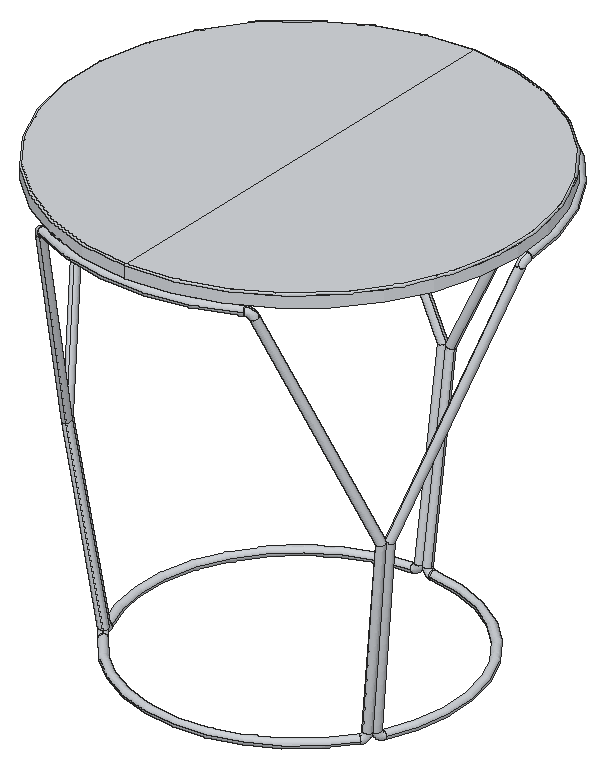
Revit family "Keilhauer-Cahoots_LE-Round_Table-Small-", category Furniture, Revit 2016
Family settings
  OmniClass Number = 23.40.20.00
  OmniClass Title = General Furniture and Specialties
  Work Plane-Based = No
  Always vertical = Yes
  Cut with Voids When Loaded = No
  Shared = No
  Room Calculation Point = No
Parameters (values of type "9081LE")
  Width = 30 1/2"
  URL = "https://keilhauer.com/"
  Type Comments = "Cahoots LE"  # constant formula
  Salvage or Reuse = yes
  Product Documentation Link = "https://keilhauer.com/product-family/cahoots-le/"
  Percentage of Recycled Content = 0
  Model = "9081LE"
  Manufacturer = "Keilhauer"  # constant formula
  Low Emitting Material = yes
  Low Emitting Finish = yes
  Revit File Built By = "https://servex-us.com/servex-revit/"
  Top Finish [instance] = none
  Keynote = "12500"
  Height = 33"
  Frame Finish [instance] = none
  Description = "Quartz top small round table"
  Depth = 29"
  Copyright = "© 2022 Keilhauer"
  Assembly Code = "E2020200"
Reference planes (in)
  plane 1 "Center Front/Back": y = 0
  plane 2: z = 0
  plane 3 "Center Left/Right": x = 0
Forms (in)
  Revolve 1, solid, material <- "Top Finish"
    sketch origin (0, 0, 0) x (0, 1, 0) y (0, 0, 1)
      loop
        line (0, 16.9473782) -> (8.625, 16.9473782) -> (8.625, 17.3813891)
        arc (8.625, 17.3813891) -> (8.6095942, 17.4276533) -> (8.565, 17.4473782) r 0.0602718
        line (8.565, 17.4473782) -> (0, 17.4473782) -> (0, 16.9473782)
      axis (0, 16.9473782) -> (0, 17.4473782)
    angle from 0 to 360
  Sweep 2, solid, material <- "Frame Finish"
    path in 3D
      loop
        line (-0.1511308, 6.0919208, 0.3878436) -> (-0.1511308, 7.24196, 7.6489052) -> (-4.3957654, 7.3976277, 16.5670996)
    profile origin (-2.273466, 7.3197937, 12.1079939) x (-0.902971, -0.007499, -0.429636) y (0, -0.999848, 0.017452)
      loop
        circle (-0.0000396, 0) r 0.15625
  Sweep 3, solid, material <- "Frame Finish"
    path origin (0, 0, 0) x (1, 0, 0) y (0, 1, 0)
      loop
        arc (-0.3841773, 6.0653965) -> (-5.2540645, 3.0547396) -> (-5.4611686, -2.6668829) r 6.0775511
    profile origin (-5.2540645, 3.0547396, 0) x (0.864504, -0.502627, 0) y (0, 0, 1)
      loop
        circle (0, 0.15625) r 0.15625
  Sweep 4, solid, material <- "Frame Finish"
    path origin (-0.0033423, 6.1231235, -0.0019476) x (0.988122, 0.153671, 0) y (0, 0, 1)
      loop
        arc (-0.3842681, 0.15625) -> (-0.2220011, 0.2243741) -> (-0.1549129, 0.3870721) r 0.2308268
    profile origin (-0.2227065, 6.0890084, 0.2224265) x (-0.700932, -0.109007, 0.704849) y (0.153671, -0.988122, 0)
      loop
        circle (0, 0) r 0.15625
  Sweep 5, solid, material <- "Frame Finish"
    path origin (0, 0, 0) x (1, 0, 0) y (0, 1, 0)
      loop
        arc (-4.665338, 7.2852934) -> (-7.4920397, 4.3255312) -> (-8.6419182, 0.3976546) r 8.6510623
    profile origin (-7.4920397, 4.3255312, 0) x (0.866025, -0.5, 0) y (0, 0, 1)
      loop
        circle (0, 16.7911282) r 0.15625
  Sweep 6, solid, material <- "Frame Finish"
    path origin (3.0527443, -0.8342454, 1.587899) x (0.866025, 0.482963, -0.12941) y (0, 0.258819, 0.965926)
      loop
        arc (-4.4065803, 16.589932) -> (-4.53674, 16.7366174) -> (-4.7251193, 16.7911282) r 0.3527578
    profile origin (-0.8761878, 1.3064327, 18.3413274) x (-0.462474, -0.476736, -0.747557) y (0.5, -0.836516, 0.224144)
      loop
        circle (0, -7.25) r 0.15625
  Sweep 7, solid, material <- "Frame Finish"
    path in 3D
      loop
        line (-5.3513236, -2.9150773, 0.3878436) -> (-6.3472867, -3.4900969, 7.6489052) -> (-8.6044162, 0.1080307, 16.5670996)
    profile origin (-7.4758603, -1.6910175, 12.1079939) x (0.444991, -0.785746, 0.429636) y (0.865894, 0.499924, 0.017452)
      loop
        circle (0.0000396, 0) r 0.15625
  Sweep 8, solid, material <- "Frame Finish"
    path origin (-5.3044516, -3.0586672, -0.0019476) x (0.360978, -0.932574, 0) y (0, 0, -1)
      loop
        arc (-0.3842681, -0.15625) -> (-0.2220011, -0.2243741) -> (-0.1549129, -0.3870721) r 0.2308268
    profile origin (-5.3845892, -2.8516347, 0.2224265) x (0.256063, -0.661528, -0.704849) y (0.932574, 0.360978, 0)
      loop
        circle (0, 0) r 0.15625
  Sweep 9, solid, material <- "Frame Finish"
    path origin (2.2488499, -2.2266314, 1.587899) x (0.014755, -0.991481, -0.12941) y (0.224144, 0.12941, -0.965926)
      loop
        arc (-4.4065803, -16.589932) -> (-4.53674, -16.7366174) -> (-4.7251193, -16.7911282) r 0.3527578
    profile origin (-1.5694978, 0.1055845, 18.3413274) x (-0.181628, -0.638882, 0.747557) y (0.974444, -0.014755, 0.224144)
      loop
        circle (0, -7.25) r 0.15625
  Sweep 10, solid, material <- "Frame Finish"
    path in 3D
      loop
        line (5.3513236, -2.9150773, 0.3878436) -> (6.3472867, -3.4900969, 7.6489052) -> (8.6044162, 0.1080307, 16.5670996)
    profile origin (7.4758603, -1.6910175, 12.1079939) x (-0.969832, 0.004254, 0.243738) y (0.084941, -0.93129, 0.354236)
      loop
        circle (0.0000211, 0.0000335) r 0.15625
  Sweep 11, solid, material <- "Frame Finish"
    path origin (0, 0, 0) x (-0.5, -0.866025, 0) y (0.866025, -0.5, 0)
      loop
        arc (-0.3841773, 6.0653965) -> (-5.2540645, 3.0547396) -> (-5.4611686, -2.6668829) r 6.0775511
    profile origin (5.2725143, 3.0227835, 0) x (-0.867539, -0.497369, 0) y (0, 0, 1)
      loop
        circle (0, 0.15625) r 0.15625
  Sweep 12, solid, material <- "Frame Finish"
    path origin (5.3044516, -3.0586672, -0.0019476) x (-0.360978, -0.932574, 0) y (0, 0, 1)
      loop
        arc (-0.3842681, 0.15625) -> (-0.2220011, 0.2243741) -> (-0.1549129, 0.3870721) r 0.2308268
    profile origin (5.3845892, -2.8516347, 0.2224265) x (0.256063, 0.661528, 0.704849) y (-0.932574, 0.360978, 0)
      loop
        circle (0, 0) r 0.15625
  Sweep 13, solid, material <- "Frame Finish"
    path origin (0, 0, 0) x (-0.5, -0.866025, 0) y (0.866025, -0.5, 0)
      loop
        arc (-4.665338, 7.2852934) -> (-7.4920397, 4.3255312) -> (-8.6419182, 0.3976546) r 8.6510623
    profile origin (7.4920397, 4.3255312, 0) x (-0.866025, -0.5, 0) y (0, 0, 1)
      loop
        circle (0, 16.7911282) r 0.15625
  Sweep 14, solid, material <- "Frame Finish"
    path origin (-2.2488499, -2.2266314, 1.587899) x (-0.014755, -0.991481, -0.12941) y (0.224144, -0.12941, 0.965926)
      loop
        arc (-4.4065803, 16.589932) -> (-4.53674, 16.7366174) -> (-4.7251193, 16.7911282) r 0.3527578
    profile origin (1.5694978, 0.1055845, 18.3413274) x (-0.181628, 0.638882, -0.747557) y (-0.974444, -0.014755, 0.224144)
      loop
        circle (0, -7.25) r 0.15625
  Sweep 15, solid, material <- "Frame Finish"
    path in 3D
      loop
        line (0.1511308, 6.0919208, 0.3878436) -> (0.1511308, 7.24196, 7.6489052) -> (4.3957654, 7.3976277, 16.5670996)
    profile origin (2.273466, 7.3197937, 12.1079939) x (0.491164, -0.843074, -0.219052) y (0.757704, 0.537567, -0.37001)
      loop
        circle (-0.0000216, -0.0000333) r 0.15625
  Sweep 16, solid, material <- "Frame Finish"
    path origin (0.0033423, 6.1231235, -0.0019476) x (-0.988122, 0.153671, 0) y (0, 0, -1)
      loop
        arc (-0.3842681, -0.15625) -> (-0.2220011, -0.2243741) -> (-0.1549129, -0.3870721) r 0.2308268
    profile origin (0.2227065, 6.0890084, 0.2224265) x (-0.700932, 0.109007, -0.704849) y (-0.153671, -0.988122, 0)
      loop
        circle (0, 0) r 0.15625
  Sweep 17, solid, material <- "Frame Finish"
    path origin (-3.0527443, -0.8342454, 1.587899) x (-0.866025, 0.482963, -0.12941) y (0, -0.258819, -0.965926)
      loop
        arc (-4.4065803, -16.589932) -> (-4.53674, -16.7366174) -> (-4.7251193, -16.7911282) r 0.3527578
    profile origin (0.8761878, 1.3064327, 18.3413274) x (-0.462474, 0.476736, 0.747557) y (-0.5, -0.836516, 0.224144)
      loop
        circle (0, -7.25) r 0.15625
  Sweep 18, solid, material <- "Frame Finish"
    path in 3D
      loop
        line (-5.2001928, -3.1768435, 0.3878436) -> (-6.196156, -3.7518631, 7.6489052) -> (-4.2086508, -7.5056584, 16.5670996)
    profile origin (-5.2023943, -5.6287762, 12.1079939) x (-0.976693, -0.007489, 0.214511) y (-0.074756, -0.924951, -0.372661)
      loop
        circle (0.0000212, -0.0000335) r 0.15625
  Sweep 19, solid, material <- "Frame Finish"
    path origin (0, 0, 0) x (-0.5, 0.866025, 0) y (-0.866025, -0.5, 0)
      loop
        arc (-0.3841773, 6.0653965) -> (-5.2540645, 3.0547396) -> (-5.4611686, -2.6668829) r 6.0775511
    profile origin (-0.0184499, -6.0775231, 0) x (0.003036, 0.999995, 0) y (0, 0, 1)
      loop
        circle (0, 0.15625) r 0.15625
  Sweep 20, solid, material <- "Frame Finish"
    path origin (-5.3011093, -3.0644563, -0.0019476) x (-0.627144, 0.778903, 0) y (0, 0, 1)
      loop
        arc (-0.3842681, 0.15625) -> (-0.2220011, 0.2243741) -> (-0.1549129, 0.3870721) r 0.2308268
    profile origin (-5.1618827, -3.2373737, 0.2224265) x (0.444869, -0.552521, 0.704849) y (0.778903, 0.627144, 0)
      loop
        circle (0, 0) r 0.15625
  Sweep 21, solid, material <- "Frame Finish"
    path origin (0, 0, 0) x (-0.5, 0.866025, 0) y (-0.866025, -0.5, 0)
      loop
        arc (-4.665338, 7.2852934) -> (-7.4920397, 4.3255312) -> (-8.6419182, 0.3976546) r 8.6510623
    profile origin (0, -8.6510623, 0) x (0, 1, 0) y (0, 0, 1)
      loop
        circle (0, 16.7911282) r 0.15625
  Sweep 22, solid, material <- "Frame Finish"
    path origin (-0.8038944, 3.0608768, 1.587899) x (-0.851271, 0.508519, -0.12941) y (-0.224144, -0.12941, 0.965926)
      loop
        arc (-4.4065803, 16.589932) -> (-4.53674, 16.7366174) -> (-4.7251193, 16.7911282) r 0.3527578
    profile origin (-0.69331, -1.4120173, 18.3413274) x (0.644102, -0.162146, -0.747557) y (0.474444, 0.851271, 0.224144)
      loop
        circle (0, -7.25) r 0.15625
  Sweep 23, solid, material <- "Frame Finish"
    path in 3D
      loop
        line (5.2001928, -3.1768435, 0.3878436) -> (6.196156, -3.7518631, 7.6489052) -> (4.2086508, -7.5056584, 16.5670996)
    profile origin (5.2023943, -5.6287762, 12.1079939) x (0.476762, -0.843136, -0.248635) y (0.855696, 0.380411, 0.350817)
      loop
        circle (-0.0000216, 0.0000332) r 0.15625
  Sweep 24, solid, material <- "Frame Finish"
    path origin (5.3011093, -3.0644563, -0.0019476) x (0.627144, 0.778903, 0) y (0, 0, -1)
      loop
        arc (-0.3842681, -0.15625) -> (-0.2220011, -0.2243741) -> (-0.1549129, -0.3870721) r 0.2308268
    profile origin (5.1618827, -3.2373737, 0.2224265) x (0.444869, 0.552521, -0.704849) y (-0.778903, 0.627144, 0)
      loop
        circle (0, 0) r 0.15625
  Sweep 25, solid, material <- "Frame Finish"
    path origin (0.8038944, 3.0608768, 1.587899) x (0.851271, 0.508519, -0.12941) y (-0.224144, 0.12941, -0.965926)
      loop
        arc (-4.4065803, -16.589932) -> (-4.53674, -16.7366174) -> (-4.7251193, -16.7911282) r 0.3527578
    profile origin (0.69331, -1.4120173, 18.3413274) x (0.644102, 0.162146, 0.747557) y (-0.474444, 0.851271, 0.224144)
      loop
        circle (0, -7.25) r 0.15625
Lines and regions (in)
  sketch lines
    curve 1: line (-0.1511666, 7.2419597, 7.6488882) -> (-4.3957654, 7.3976277, 16.5670996)
    curve 2: line (-0.1511308, 6.0919208, 0.3878436) -> (-0.1511308, 7.24196, 7.6489052)
    curve 3: line (-6.3473044, -3.4900658, 7.6488882) -> (-8.6044162, 0.1080307, 16.5670996)
    curve 4: line (-5.3513236, -2.9150773, 0.3878436) -> (-6.3472867, -3.4900969, 7.6489052)
    curve 5: line (6.3473044, -3.4900658, 7.6488882) -> (8.6044162, 0.1080307, 16.5670996)
    curve 6: line (5.3513236, -2.9150773, 0.3878436) -> (6.3472867, -3.4900969, 7.6489052)
    curve 7: line (0.1511666, 7.2419597, 7.6488882) -> (4.3957654, 7.3976277, 16.5670996)
    curve 8: line (0.1511308, 6.0919208, 0.3878436) -> (0.1511308, 7.24196, 7.6489052)
    curve 9: line (-6.1961378, -3.7518939, 7.6488882) -> (-4.2086508, -7.5056584, 16.5670996)
    curve 10: line (-5.2001928, -3.1768435, 0.3878436) -> (-6.196156, -3.7518631, 7.6489052)
    curve 11: line (6.1961378, -3.7518939, 7.6488882) -> (4.2086508, -7.5056584, 16.5670996)
    curve 12: line (5.2001928, -3.1768435, 0.3878436) -> (6.196156, -3.7518631, 7.6489052)
  symbolic lines
    curve 13: circle (0, 0, 0) r 8.625 normal (0, 0, 1)
  symbolic lines, style "FurnitureHiddenLines", detail levels medium+fine
    curve 14: circle (0, 0, 0) r 6.0956404 normal (0, 0, 1)
    curve 15: line (-5.3463369, -2.9280562, 0) -> (-6.3341907, -3.4690792, 0)
    curve 16: line (-6.3341907, -3.4690792, 0) -> (-8.624214, 0.1164368, 0)
    curve 17: line (-5.203333, -3.1752413, 0) -> (-6.1647637, -3.7619372, 0)
    curve 18: line (-6.1647637, -3.7619372, 0) -> (-4.1979535, -7.5344417, 0)
    curve 19: line (5.2089395, -3.1660355, 0) -> (6.1714061, -3.7510305, 0)
    curve 20: line (6.1714061, -3.7510305, 0) -> (4.2112698, -7.5270068, 0)
    curve 21: line (5.3515061, -2.9185979, 0) -> (6.3403151, -3.4578733, 0)
    curve 22: line (6.3403151, -3.4578733, 0) -> (8.6239946, 0.1316865, 0)
    curve 23: line (0.1373974, 6.0940917, 0) -> (0.1627846, 7.2201097, 0)
    curve 24: line (0.1627846, 7.2201097, 0) -> (4.4129442, 7.41057, 0)
    curve 25: line (-0.1481731, 6.0938392, 0) -> (-0.1755514, 7.2198106, 0)
    curve 26: line (-0.1755514, 7.2198106, 0) -> (-4.4260411, 7.4027552, 0)
Dimensions and locks (in)
  aligned and locked: level to plane 2
